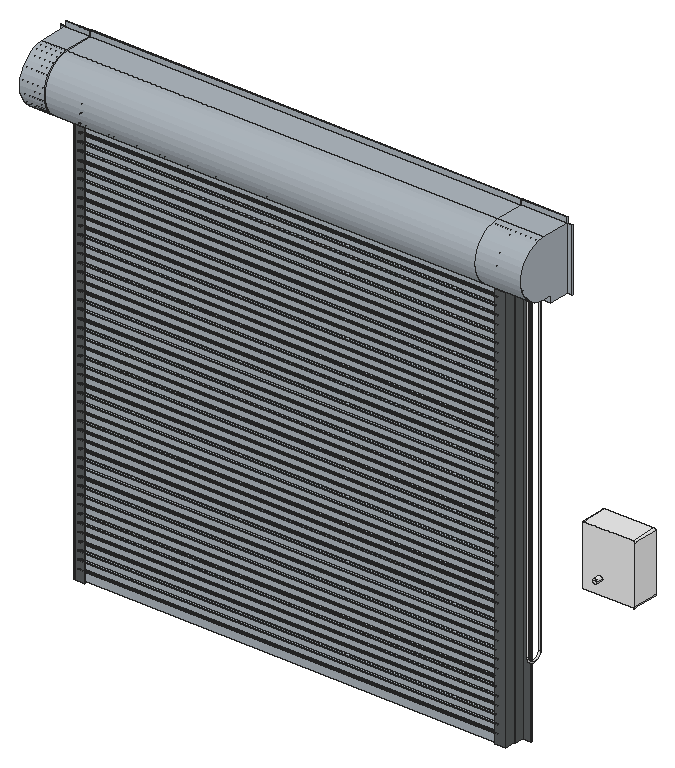
Revit family "Doors_Industrial_Wayne-Dalton_Advanced-Rolling-Door-System-Model-800-ADV", category Specialty Equipment, host Wall, Revit 2022 (continued)
Definition of nested family "Warning Sign"
  Lines and regions (in)
    model lines
      curve 8: arc (24.12041, 1, 0) -> (26.3817, 1, 1.30556) -> (26.3817, 1, 3.91667) r 2.61111
      curve 9: line (24.12041, 1, 1.30556) -> (-24.12041, 1, 1.30556)
      curve 10: line (-24.12041, 1, 0) -> (24.12041, 1, 0)
      curve 11: arc (-24.12041, 1, 1.30556) -> (-25.25106, 1, 1.95833) -> (-25.25106, 1, 3.26389) r 1.30556
      curve 12: arc (-26.3817, 1, 3.91667) -> (-26.3817, 1, 1.30556) -> (-24.12041, 1, 0) r 2.61111
      curve 13: arc (-2.29479, 1, 8.63537) -> (0, 1, 6.34057) -> (2.29479, 1, 8.63537) r 2.29479
      curve 14: arc (2.29479, 1, 8.63537) -> (0, 1, 10.93016) -> (-2.29479, 1, 8.63537) r 2.29479
      curve 15: arc (-1.6331, 1, 13.97069) -> (0.03439, 1, 12.53727) -> (1.69278, 1, 13.98121) r 1.68043
      curve 16: line (-3.77413, 1, 28.37873) -> (-1.6331, 1, 13.97069)
      curve 17: line (1.69278, 1, 13.98121) -> (3.73924, 1, 28.37873)
      curve 18: arc (3.73924, 1, 28.37873) -> (-0.01745, 1, 32.13541) -> (-3.77413, 1, 28.37873) r 3.75668
      curve 19: line (-2.26129, -0.5, 45.69444) -> (-26.3817, -0.5, 3.91667)
      curve 20: line (-25.25106, -0.5, 3.26389) -> (-1.13064, -0.5, 45.04167)
      curve 21: arc (2.26129, -0.5, 45.69444) -> (0, -0.5, 47) -> (-2.26129, -0.5, 45.69444) r 2.61111
      curve 22: arc (-1.13064, -0.5, 45.04167) -> (0, -0.5, 45.69444) -> (1.13064, -0.5, 45.04167) r 1.30556
      curve 23: line (1.13064, -0.5, 45.04167) -> (25.25106, -0.5, 3.26389)
      curve 24: line (26.3817, -0.5, 3.91667) -> (2.26129, -0.5, 45.69444)
      curve 25: arc (25.25106, -0.5, 3.26389) -> (25.25106, -0.5, 1.95833) -> (24.12041, -0.5, 1.30556) r 1.30556
      curve 26: arc (24.12041, -0.5, 0) -> (26.3817, -0.5, 1.30556) -> (26.3817, -0.5, 3.91667) r 2.61111
      curve 27: line (24.12041, -0.5, 1.30556) -> (-24.12041, -0.5, 1.30556)
      curve 28: line (-24.12041, -0.5, 0) -> (24.12041, -0.5, 0)
      curve 29: arc (-24.12041, -0.5, 1.30556) -> (-25.25106, -0.5, 1.95833) -> (-25.25106, -0.5, 3.26389) r 1.30556
      curve 30: arc (-26.3817, -0.5, 3.91667) -> (-26.3817, -0.5, 1.30556) -> (-24.12041, -0.5, 0) r 2.61111
      curve 31: arc (-2.29479, -0.5, 8.63537) -> (0, -0.5, 6.34057) -> (2.29479, -0.5, 8.63537) r 2.29479
      curve 32: arc (2.29479, -0.5, 8.63537) -> (0, -0.5, 10.93016) -> (-2.29479, -0.5, 8.63537) r 2.29479
      curve 33: arc (-1.6331, -0.5, 13.97069) -> (0.03439, -0.5, 12.53727) -> (1.69278, -0.5, 13.98121) r 1.68043
      curve 34: line (-3.77413, -0.5, 28.37873) -> (-1.6331, -0.5, 13.97069)
      curve 35: line (1.69278, -0.5, 13.98121) -> (3.73924, -0.5, 28.37873)
      curve 36: arc (3.73924, -0.5, 28.37873) -> (-0.01745, -0.5, 32.13541) -> (-3.77413, -0.5, 28.37873) r 3.75668
  Dimensions and locks (in)
    locked: plane 1 "Center (Front/Back)" to plane 4 at 0.5
    equal spacing: plane 1 "Center (Front/Back)", plane 7, plane 4
    locked: plane 4 to plane 6 at 0.5
    locked: plane 5 to plane 1 "Center (Front/Back)" at 0.5
    aligned and locked: plane 2 to level
  Automatic sketch dimensions
    curve 21 to curve 22 = 0"  (x2)
    curve 25 to curve 26 = 0"  (x2)
    curve 29 to curve 30 = 0"  (x2)
    curve 31 to curve 32 = 0"  (x2)
    curve 21 to plane 3 "Center (Left/Right)" = 0"
    curve 31 to plane 3 "Center (Left/Right)" = 0"
    curve 30 to level = 0"
    level to curve 27 = 1.30556"
    curve 26 to curve 27 = 1.30556"
    curve 29 to curve 27 = 1.30556"
    curve 23 to curve 25 = 0.65278"
    curve 20 to curve 29 = 0.65278"
    curve 24 to curve 23 = 0.65278"
    curve 19 to curve 20 = 0.65278"
    level to curve 32 = 8.63537"
    curve 34 to plane 3 "Center (Left/Right)" = 1.6331"
    curve 34 to curve 31 = 5.33532"
    plane 3 "Center (Left/Right)" to curve 35 = 1.69278"
    curve 35 to curve 34 = 0.01052"
    plane 3 "Center (Left/Right)" to curve 33 = 0.02908"
    curve 36 to plane 3 "Center (Left/Right)" = 0.01745"
    curve 36 to curve 33 = 14.16104"
    curve 22 to curve 36 = 16.01016"
    plane 3 "Center (Left/Right)" to curve 23 = 1.13064"
    curve 23 to curve 21 = 0.65278"
    curve 20 to plane 3 "Center (Left/Right)" = 1.13064"
    plane 3 "Center (Left/Right)" to curve 24 = 2.26129"
    curve 24 to curve 22 = 0.65278"
    curve 19 to plane 3 "Center (Left/Right)" = 2.26129"
    curve 34 to curve 36 = 3.75668"
    curve 30 to plane 3 "Center (Left/Right)" = 24.12041"
    plane 3 "Center (Left/Right)" to curve 25 = 24.12041"
    curve 31 to curve 31 = 2.29479"
    curve 3 to curve 4 = 0"  (x2)
    curve 7 to curve 8 = 0"  (x2)
    curve 11 to curve 12 = 0"  (x2)
    curve 13 to curve 14 = 0"  (x2)
    curve 3 to plane 3 "Center (Left/Right)" = 0"
    curve 13 to plane 3 "Center (Left/Right)" = 0"
    curve 12 to level = 0"
    level to curve 9 = 1.30556"
    curve 8 to curve 9 = 1.30556"
    curve 11 to curve 9 = 1.30556"
    curve 5 to curve 7 = 0.65278"
    curve 2 to curve 11 = 0.65278"
    curve 6 to curve 5 = 0.65278"
    curve 1 to curve 2 = 0.65278"
    level to curve 14 = 8.63537"
    curve 16 to plane 3 "Center (Left/Right)" = 1.6331"
    curve 16 to curve 13 = 5.33532"
    plane 3 "Center (Left/Right)" to curve 17 = 1.69278"
    curve 17 to curve 16 = 0.01052"
    plane 3 "Center (Left/Right)" to curve 15 = 0.02908"
    curve 18 to plane 3 "Center (Left/Right)" = 0.01745"
    curve 18 to curve 15 = 14.16104"
    curve 4 to curve 18 = 16.01016"
    plane 3 "Center (Left/Right)" to curve 5 = 1.13064"
    curve 5 to curve 3 = 0.65278"
    curve 2 to plane 3 "Center (Left/Right)" = 1.13064"
    plane 3 "Center (Left/Right)" to curve 6 = 2.26129"
    curve 6 to curve 4 = 0.65278"
    curve 1 to plane 3 "Center (Left/Right)" = 2.26129"
    curve 16 to curve 18 = 3.75668"
    curve 12 to plane 3 "Center (Left/Right)" = 24.12041"
    plane 3 "Center (Left/Right)" to curve 7 = 24.12041"
    curve 13 to curve 13 = 2.29479"
Types (6): name | Voltage | Number of Poles | Apparent Load Phase 3 | Apparent Load Phase 2 | Apparent Load Phase 1
  208 volts, one phase, 60 Hz (208-240V range) | 208 V | 1 | 0 VA | 0 VA | 4160 VA
  230 volts, three phase, 60 Hz (220-240V range) | 230 V | 3 | 2655.81 VA | 2655.81 VA | 2655.81 VA
  208 volts, three phase, 60 Hz (208-240V range) | 208 V | 3 | 2401.78 VA | 2401.78 VA | 2401.78 VA
  460 volts, three phase, 60 Hz (440-480V range) | 460 V | 3 | 5311.62 VA | 5311.62 VA | 5311.62 VA
  220 volts, one phase, 60 Hz (220-240V range) | 220 V | 1 | 0 VA | 0 VA | 4400 VA
  575 volts, three phase, 60 Hz | 460 V | 3 | 5311.62 VA | 5311.62 VA | 5311.62 VA
